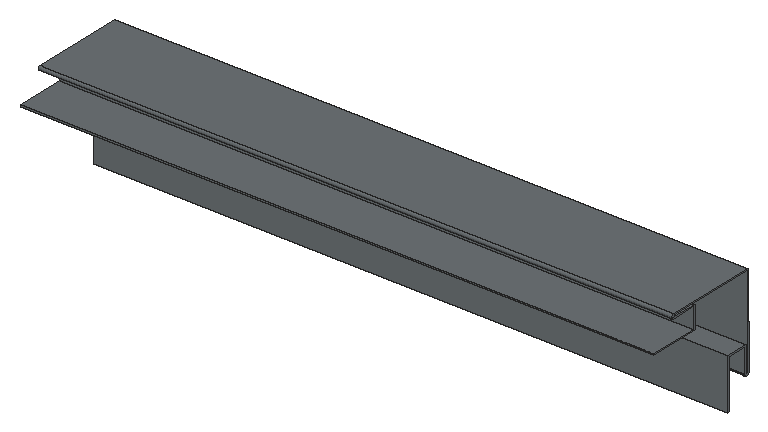
Revit family "BIMLIB_ПланкаУглаВнешнегоСложного_GRANDLINE", category Обобщенные модели, Revit 2017
Family settings
  Может служить основой для арматурных стержней = Нет
  Размер круглого соединителя = Использовать диаметр
  Тип детали = Нормальный
  При загрузке вырезать с полостями = Нет
  Общий = Нет
  Точка расчета площади = Нет
Parameters (values of type "Угол внешний сложный")
  Смещение от плоскости [instance] = 0 mm
  Описание = ADSK_Наименование  # "Угол внешний сложный 75х75"
  Изготовитель = "Grand Line"  # constant formula
  built-in parameter 1001306 [instance] = 500 mm
  Watermark [instance] = "Модели защищены уникальным кодом"
  URL = "https://www.grandline.ru"
  BL_Разработано = "support@bimlib.pro"
  BL_Email = "info@grandline.ru"
  BL_BIM library = "https://bimlib.pro/manufacturer/company/22430"
  ADSK_Размер_Длина [instance] = [built-in parameter 1001306]  # 500 mm
  ADSK_Обозначение = "ГОСТ 19904-90, ГОСТ 14918-80"
  ADSK_Наименование = "Угол внешний сложный 75х75"
  ADSK_Материал тип подсчета = 1  # constant formula
  ADSK_Материал = GL_Drap_RAL7016
  ADSK_Масса_Текст [instance] = ""
  ADSK_Масса [instance] = 0
  ADSK_Марка = ""
  ADSK_Количество [instance] = if(ADSK_Материал тип подсчета = 0, 1, if(ADSK_Материал тип подсчета = 1, ADSK_Размер_Длина / 1000 mm, 0))  # 0.5
  ADSK_Код изделия = "M011.055"  # constant formula
  ADSK_Завод-изготовитель = "Grand Line"  # constant formula
  ADSK_Единица измерения = "м"  # constant formula
  ADSK_Группирование = "Доборные элементы"  # constant formula
  ADSK_Версия Revit = "2017"  # constant formula
  ADSK_URL страницы изделия = "https://www.grandline.ru/ugol-vneshniy-slozhnyy-75kh75-0-4-pe-foil-ral-1014-48487.html"
  ADSK_URL документации изделия = "https://www.grandline.ru/uploads/files/chertezhi_vse/dobornye_elementy/de_saiyding_fasad/Ugol-vnesnij-sloznyj-75h75.jpg"
Reference planes
  plane 1 "По центру (Вперед/Назад)": y = 0
  plane 2: z = 0
  plane 3 "Слева": x = 0
  plane 4 "Справа": x = 500
Forms (mm)
  Sweep 1, solid, material "GL_Drap_RAL7016" <- "ADSK_Материал"
    path in 3D
      loop
        line (0, 0, 0) -> (500, 0, 0)
    profile "Профиль_ПланкаУглаВнешнегоСложного : Профиль" origin (250, 0, 0) x (0, 1, 0) y (0, 0, 1)
      loop
        line (20.2, 20.2) -> (-53.3, 20.2)
        arc (-53.3, 20.2) -> (-54.8, 18.7) -> (-53.3, 17.2) r 1.5
        line (-53.3, 17.2) -> (-33.6, 17.2) -> (-33.6, 0.8) -> (-72.8, 0.8) -> (-72.8, 0) -> (-32.8, 0) -> (-32.8, 18) -> (-53.3, 18)
        arc (-53.3, 18) -> (-54, 18.7) -> (-53.3, 19.4) r 0.7
        line (-53.3, 19.4) -> (19.4, 19.4) -> (19.4, -53.3)
        arc (19.4, -53.3) -> (18.7, -54) -> (18, -53.3) r 0.7
        line (18, -53.3) -> (18, -32.8) -> (0, -32.8) -> (0, -72.8) -> (0.8, -72.8) -> (0.8, -33.6) -> (17.2, -33.6) -> (17.2, -53.3)
        arc (17.2, -53.3) -> (18.7, -54.8) -> (20.2, -53.3) r 1.5
        line (20.2, -53.3) -> (20.2, 20.2)
Lines and regions (mm)
  reference lines
    curve 1: line (0, 0, 0) -> (500, 0, 0)
  sketch lines
    curve 2: line (0, 0, 0) -> (500, 0, 0)
Dimensions and locks
  "built-in parameter 1001306": plane 3 "Слева" to plane 4 "Справа"
  aligned and locked: plane 4 "Справа" to curve 1
  aligned and locked: plane 1 "По центру (Вперед/Назад)" to curve 1
  aligned and locked: plane 3 "Слева" to curve 1
  aligned and locked: level to plane 2
